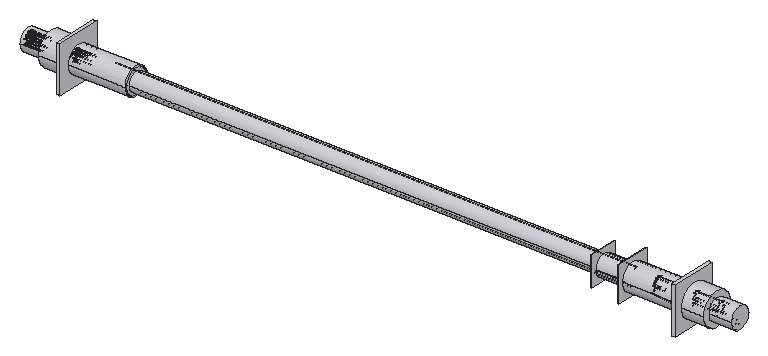
Revit family "吊杆族", category 常规模型, Revit 2020
Family settings
  可将钢筋附着到主体 = 否
  圆形连接件大小 = 使用直径
  零件类型 = 标准
  加载时剪切的空心 = 否
  共享 = 否
  房间计算点 = 否
Parameters
  Default Elevation = 0 cm
  built-in parameter 1001306 [instance] = 500 cm
  l6 [instance] = [built-in parameter 1001306] - 75 cm  # 425 cm
  l5 [instance] = [built-in parameter 1001306] - 51 cm  # 449 cm
  l4 [instance] = [built-in parameter 1001306] - 50 cm  # 450 cm
  l3 [instance] = [built-in parameter 1001306] - 44 cm  # 456 cm
  l2 [instance] = [built-in parameter 1001306] - 30 cm  # 470 cm
  l1 [instance] = [built-in parameter 1001306] + 3 cm  # 503 cm
Reference planes (cm)
  plane 1 "中心(前/后)": y = 0
  plane 2: z = 0
  plane 3 "左": x = 0
  plane 4 "右": x = 500
  plane 5: x = -30
  plane 6: x = -33
  plane 7: x = 14
  plane 8: x = 470
  plane 9: x = 503
  plane 10: x = 456
  plane 11: x = 450
  plane 12: x = 449
  plane 13: x = 425
Forms (cm)
  Extrusion 1, solid
    sketch origin (-30, 152.4, 121.92) x (0, 1, 0) y (0, 0, 1)
      loop
        line (-172.4, -101.92) -> (-172.4, -141.92) -> (-132.4, -141.92) -> (-132.4, -101.92) -> (-172.4, -101.92)
    from 0 to -3
  Extrusion 2, solid
    sketch origin (-30, 152.4, 121.92) x (0, 1, 0) y (0, 0, 1)
      loop
        circle (-152.4, -121.92) r 11.5
    from 0 to 50
  Extrusion 3, solid
    sketch origin (-33, 20, 121.92) x (0, 1, 0) y (0, 0, 1)
      loop
        circle (-20, -121.92) r 14
    from 0 to -20
  Extrusion 4, void
    sketch origin (-33, 20, 121.92) x (0, -1, 0) y (0, 0, 1)
      loop
        circle (20, -121.92) r 10.5
    from 0 to -53
  Extrusion 5, void
    sketch origin (-33, 20, 121.92) x (0, -1, 0) y (0, 0, 1)
      loop
        circle (20, -121.92) r 9
    from 0 to 25
  Extrusion 6, solid
    sketch origin (-33, 20, 121.92) x (0, 1, 0) y (0, 0, 1)
      loop
        circle (-20, -121.92) r 9
    from 0 to -40
  Blend 7, solid
    base sketch origin (-33, 20, 121.92) x (0, 1, 0) y (0, 0, 1)
      loop
        circle (-20, -121.92) r 9
    top sketch origin (0, 0, 0) x (0, 1, 0) y (0, 0, 1)
      loop
        circle (0, 0) r 6.5
    from 0 to 0
  Extrusion 8, void
    sketch origin (0, 0, 0) x (0, -1, 0) y (0, 0, 1)
      loop
        circle (0, 0) r 0.76
    from 0 to 73
  Extrusion 9, void
    sketch origin (0, -1.52, 0) x (0, -1, 0) y (0, 0, 1)
      loop
        circle (0, 0) r 0.76
    from 0 to 73
  Extrusion 10, void
    sketch origin (0, -3.04, 0) x (0, -1, 0) y (0, 0, 1)
      loop
        circle (0, 0) r 0.76
    from 0 to 73
  Extrusion 11, void
    sketch origin (0, -4.56, 0) x (0, -1, 0) y (0, 0, 1)
      loop
        circle (0, 0) r 0.76
    from 0 to 73
  Extrusion 12, void
    sketch origin (0, 1.52, 0) x (0, 1, 0) y (0, 0, -1)
      loop
        circle (0, 0) r 0.76
    from 0 to 73
  Extrusion 13, void
    sketch origin (0, 3.04, 0) x (0, 1, 0) y (0, 0, -1)
      loop
        circle (0, 0) r 0.76
    from 0 to 73
  Extrusion 14, void
    sketch origin (0, 4.56, 0) x (0, 1, 0) y (0, 0, -1)
      loop
        circle (0, 0) r 0.76
    from 0 to 73
  Extrusion 15, void
    sketch origin (0, -0.8118, -1.37) x (0, -1, 0) y (0, 0, 1)
      loop
        circle (0, 0) r 0.76
    from 0 to 73
  Extrusion 16, void
    sketch origin (0, -2.3318, -1.37) x (0, -1, 0) y (0, 0, 1)
      loop
        circle (0, 0) r 0.76
    from 0 to 73
  Extrusion 17, void
    sketch origin (0, -3.8518, -1.37) x (0, -1, 0) y (0, 0, 1)
      loop
        circle (0, 0) r 0.76
    from 0 to 73
  Extrusion 18, void
    sketch origin (0, -5.3718, -1.37) x (0, -1, 0) y (0, 0, 1)
      loop
        circle (0, 0) r 0.76
    from 0 to 73
  Extrusion 19, void
    sketch origin (0, 0, -2.74) x (0, -1, 0) y (0, 0, 1)
      loop
        circle (0, 0) r 0.76
    from 0 to 73
  Extrusion 20, void
    sketch origin (0, -1.52, -2.74) x (0, -1, 0) y (0, 0, 1)
      loop
        circle (0, 0) r 0.76
    from 0 to 73
  Extrusion 21, void
    sketch origin (0, -3.04, -2.74) x (0, -1, 0) y (0, 0, 1)
      loop
        circle (0, 0) r 0.76
    from 0 to 73
  Extrusion 22, void
    sketch origin (0, -4.56, -2.74) x (0, -1, 0) y (0, 0, 1)
      loop
        circle (0, 0) r 0.76
    from 0 to 73
  Extrusion 23, void
    sketch origin (0, -0.8118, -4.11) x (0, -1, 0) y (0, 0, 1)
      loop
        circle (0, 0) r 0.76
    from 0 to 73
  Extrusion 24, void
    sketch origin (0, -2.3318, -4.11) x (0, -1, 0) y (0, 0, 1)
      loop
        circle (0, 0) r 0.76
    from 0 to 73
  Extrusion 25, void
    sketch origin (0, -3.8518, -4.11) x (0, -1, 0) y (0, 0, 1)
      loop
        circle (0, 0) r 0.76
    from 0 to 73
  Extrusion 26, void
    sketch origin (0, 0, -5.48) x (0, -1, 0) y (0, 0, 1)
      loop
        circle (0, 0) r 0.76
    from 0 to 73
  Extrusion 27, void
    sketch origin (0, -1.52, -5.48) x (0, -1, 0) y (0, 0, 1)
      loop
        circle (0, 0) r 0.76
    from 0 to 73
  Extrusion 28, void
    sketch origin (0, 0.8118, -1.37) x (0, 1, 0) y (0, 0, -1)
      loop
        circle (0, 0) r 0.76
    from 0 to 73
  Extrusion 29, void
    sketch origin (0, 2.3318, -1.37) x (0, 1, 0) y (0, 0, -1)
      loop
        circle (0, 0) r 0.76
    from 0 to 73
  Extrusion 30, void
    sketch origin (0, 3.8518, -1.37) x (0, 1, 0) y (0, 0, -1)
      loop
        circle (0, 0) r 0.76
    from 0 to 73
  Extrusion 31, void
    sketch origin (0, 5.3718, -1.37) x (0, 1, 0) y (0, 0, -1)
      loop
        circle (0, 0) r 0.76
    from 0 to 73
  Extrusion 32, void
    sketch origin (0, 1.52, -2.74) x (0, 1, 0) y (0, 0, -1)
      loop
        circle (0, 0) r 0.76
    from 0 to 73
  Extrusion 33, void
    sketch origin (0, 3.04, -2.74) x (0, 1, 0) y (0, 0, -1)
      loop
        circle (0, 0) r 0.76
    from 0 to 73
  Extrusion 34, void
    sketch origin (0, 4.56, -2.74) x (0, 1, 0) y (0, 0, -1)
      loop
        circle (0, 0) r 0.76
    from 0 to 73
  Extrusion 35, void
    sketch origin (0, 0.8118, -4.11) x (0, 1, 0) y (0, 0, -1)
      loop
        circle (0, 0) r 0.76
    from 0 to 73
  Extrusion 36, void
    sketch origin (0, 2.3318, -4.11) x (0, 1, 0) y (0, 0, -1)
      loop
        circle (0, 0) r 0.76
    from 0 to 73
  Extrusion 37, void
    sketch origin (0, 3.8518, -4.11) x (0, 1, 0) y (0, 0, -1)
      loop
        circle (0, 0) r 0.76
    from 0 to 73
  Extrusion 38, void
    sketch origin (0, 1.52, -5.48) x (0, 1, 0) y (0, 0, -1)
      loop
        circle (0, 0) r 0.76
    from 0 to 73
  Extrusion 39, void
    sketch origin (0, -0.8118, 1.37) x (0, -1, 0) y (0, 0, 1)
      loop
        circle (0, 0) r 0.76
    from 0 to 73
  Extrusion 40, void
    sketch origin (0, -2.3318, 1.37) x (0, -1, 0) y (0, 0, 1)
      loop
        circle (0, 0) r 0.76
    from 0 to 73
  Extrusion 41, void
    sketch origin (0, -3.8518, 1.37) x (0, -1, 0) y (0, 0, 1)
      loop
        circle (0, 0) r 0.76
    from 0 to 73
  Extrusion 42, void
    sketch origin (0, -5.3718, 1.37) x (0, -1, 0) y (0, 0, 1)
      loop
        circle (0, 0) r 0.76
    from 0 to 73
  Extrusion 43, void
    sketch origin (0, 0, 2.74) x (0, -1, 0) y (0, 0, 1)
      loop
        circle (0, 0) r 0.76
    from 0 to 73
  Extrusion 44, void
    sketch origin (0, -1.52, 2.74) x (0, -1, 0) y (0, 0, 1)
      loop
        circle (0, 0) r 0.76
    from 0 to 73
  Extrusion 45, void
    sketch origin (0, -3.04, 2.74) x (0, -1, 0) y (0, 0, 1)
      loop
        circle (0, 0) r 0.76
    from 0 to 73
  Extrusion 46, void
    sketch origin (0, -4.56, 2.74) x (0, -1, 0) y (0, 0, 1)
      loop
        circle (0, 0) r 0.76
    from 0 to 73
  Extrusion 47, void
    sketch origin (0, -0.8118, 4.11) x (0, -1, 0) y (0, 0, 1)
      loop
        circle (0, 0) r 0.76
    from 0 to 73
  Extrusion 48, void
    sketch origin (0, -2.3318, 4.11) x (0, -1, 0) y (0, 0, 1)
      loop
        circle (0, 0) r 0.76
    from 0 to 73
  Extrusion 49, void
    sketch origin (0, -3.8518, 4.11) x (0, -1, 0) y (0, 0, 1)
      loop
        circle (0, 0) r 0.76
    from 0 to 73
  Extrusion 50, void
    sketch origin (0, 0, 5.48) x (0, -1, 0) y (0, 0, 1)
      loop
        circle (0, 0) r 0.76
    from 0 to 73
  Extrusion 51, void
    sketch origin (0, -1.52, 5.48) x (0, -1, 0) y (0, 0, 1)
      loop
        circle (0, 0) r 0.76
    from 0 to 73
  Extrusion 52, void
    sketch origin (0, 0.8118, 1.37) x (0, 1, 0) y (0, 0, -1)
      loop
        circle (0, 0) r 0.76
    from 0 to 73
  Extrusion 53, void
    sketch origin (0, 2.3318, 1.37) x (0, 1, 0) y (0, 0, -1)
      loop
        circle (0, 0) r 0.76
    from 0 to 73
  Extrusion 54, void
    sketch origin (0, 3.8518, 1.37) x (0, 1, 0) y (0, 0, -1)
      loop
        circle (0, 0) r 0.76
    from 0 to 73
  Extrusion 55, void
    sketch origin (0, 5.3718, 1.37) x (0, 1, 0) y (0, 0, -1)
      loop
        circle (0, 0) r 0.76
    from 0 to 73
  Extrusion 56, void
    sketch origin (0, 1.52, 2.74) x (0, 1, 0) y (0, 0, -1)
      loop
        circle (0, 0) r 0.76
    from 0 to 73
  Extrusion 57, void
    sketch origin (0, 3.04, 2.74) x (0, 1, 0) y (0, 0, -1)
      loop
        circle (0, 0) r 0.76
    from 0 to 73
  Extrusion 58, void
    sketch origin (0, 4.56, 2.74) x (0, 1, 0) y (0, 0, -1)
      loop
        circle (0, 0) r 0.76
    from 0 to 73
  Extrusion 59, void
    sketch origin (0, 0.8118, 4.11) x (0, 1, 0) y (0, 0, -1)
      loop
        circle (0, 0) r 0.76
    from 0 to 73
  Extrusion 60, void
    sketch origin (0, 2.3318, 4.11) x (0, 1, 0) y (0, 0, -1)
      loop
        circle (0, 0) r 0.76
    from 0 to 73
  Extrusion 61, void
    sketch origin (0, 3.8518, 4.11) x (0, 1, 0) y (0, 0, -1)
      loop
        circle (0, 0) r 0.76
    from 0 to 73
  Extrusion 62, void
    sketch origin (0, 1.52, 5.48) x (0, 1, 0) y (0, 0, -1)
      loop
        circle (0, 0) r 0.76
    from 0 to 73
  Extrusion 63, solid
    sketch origin (14, 8, 121.92) x (0, 1, 0) y (0, 0, 1)
      loop
        circle (-8, -121.92) r 10.5
    from 0 to 6
  Sweep 64, void
    path in 3D
      loop
        line (0, 0, 0) -> (470, 0, 0)
    profile origin (235, 0, 0) x (0, 1, 0) y (0, 0, 1)
      loop
        circle (0, 0) r 6.5
  Extrusion 65, solid
    sketch origin (500, 50, 121.92) x (0, 1, 0) y (0, 0, 1)
      loop
        line (-70, -101.92) -> (-70, -141.92) -> (-30, -141.92) -> (-30, -101.92) -> (-70, -101.92)
    from 0 to 3
  Extrusion 66, solid
    sketch origin (503, 20, 121.92) x (0, 1, 0) y (0, 0, 1)
      loop
        circle (-20, -121.92) r 14
    from 0 to 20
  Extrusion 67, solid
    sketch origin (500, 50, 121.92) x (0, 1, 0) y (0, 0, 1)
      loop
        circle (-50, -121.92) r 11.5
    from 0 to -50
  Extrusion 68, void
    sketch origin (503, 20, 121.92) x (0, -1, 0) y (0, 0, 1)
      loop
        circle (20, -121.92) r 10.5
    from 0 to 53
  Extrusion 69, void
    sketch origin (503, 20, 121.92) x (0, -1, 0) y (0, 0, 1)
      loop
        circle (20, -121.92) r 9
    from 0 to -20
  Extrusion 70, solid
    sketch origin (503, 20, 121.92) x (0, 1, 0) y (0, 0, 1)
      loop
        circle (-20, -121.92) r 9
    from 0 to 40
  Blend 71, solid
    base sketch origin (503, 20, 121.92) x (0, 1, 0) y (0, 0, 1)
      loop
        circle (-20, -121.92) r 9
    top sketch origin (503, 20, 121.92) x (0, 1, 0) y (0, 0, 1)
      loop
        circle (-20, -121.92) r 6.5
    from 0 to -33
  Extrusion 72, void
    sketch origin (470, 85.9623, 121.92) x (0, -1, 0) y (0, 0, 1)
      loop
        circle (85.9623, -121.92) r 0.76
    from 0 to -73
  Extrusion 73, void
    sketch origin (470, 84.4423, 121.92) x (0, -1, 0) y (0, 0, 1)
      loop
        circle (85.9623, -121.92) r 0.76
    from 0 to -73
  Extrusion 74, void
    sketch origin (470, 82.9223, 121.92) x (0, -1, 0) y (0, 0, 1)
      loop
        circle (85.9623, -121.92) r 0.76
    from 0 to -73
  Extrusion 75, void
    sketch origin (470, 80.5905, 123.2868) x (0, -1, 0) y (0, 0, 1)
      loop
        circle (85.9623, -121.92) r 0.76
    from 0 to -73
  Extrusion 76, void
    sketch origin (470, 87.4823, 121.92) x (0, -1, 0) y (0, 0, 1)
      loop
        circle (85.9623, -121.92) r 0.76
    from 0 to -73
  Extrusion 77, void
    sketch origin (470, 89.0023, 121.92) x (0, -1, 0) y (0, 0, 1)
      loop
        circle (85.9623, -121.92) r 0.76
    from 0 to -73
  Extrusion 78, void
    sketch origin (470, -81.4023, -121.92) x (0, 1, 0) y (0, 0, -1)
      loop
        circle (85.9623, -121.92) r 0.76
    from 0 to -73
  Extrusion 79, void
    sketch origin (470, 82.1105, 123.2868) x (0, -1, 0) y (0, 0, 1)
      loop
        circle (85.9623, -121.92) r 0.76
    from 0 to -73
  Extrusion 80, void
    sketch origin (470, 81.4023, 121.92) x (0, -1, 0) y (0, 0, 1)
      loop
        circle (85.9623, -121.92) r 0.76
    from 0 to -73
  Extrusion 81, void
    sketch origin (470, 83.6305, 123.2868) x (0, -1, 0) y (0, 0, 1)
      loop
        circle (85.9623, -121.92) r 0.76
    from 0 to -73
  Extrusion 82, void
    sketch origin (470, 85.1505, 123.2868) x (0, -1, 0) y (0, 0, 1)
      loop
        circle (85.9623, -121.92) r 0.76
    from 0 to -73
  Extrusion 83, void
    sketch origin (470, 86.7741, 123.2868) x (0, -1, 0) y (0, 0, 1)
      loop
        circle (85.9623, -121.92) r 0.76
    from 0 to -73
  Extrusion 84, void
    sketch origin (470, 88.2941, 123.2868) x (0, -1, 0) y (0, 0, 1)
      loop
        circle (85.9623, -121.92) r 0.76
    from 0 to -73
  Extrusion 85, void
    sketch origin (470, 89.8141, 123.2868) x (0, -1, 0) y (0, 0, 1)
      loop
        circle (85.9623, -121.92) r 0.76
    from 0 to -73
  Extrusion 86, void
    sketch origin (470, 91.3341, 123.2868) x (0, -1, 0) y (0, 0, 1)
      loop
        circle (85.9623, -121.92) r 0.76
    from 0 to -73
  Extrusion 87, void
    sketch origin (470, 85.9623, -119.18) x (0, -1, 0) y (0, 0, 1)
      loop
        circle (85.9623, 121.92) r 0.76
    from 0 to -73
  Extrusion 88, void
    sketch origin (470, 84.4423, -119.18) x (0, -1, 0) y (0, 0, 1)
      loop
        circle (85.9623, 121.92) r 0.76
    from 0 to -73
  Extrusion 89, void
    sketch origin (470, 82.9223, -119.18) x (0, -1, 0) y (0, 0, 1)
      loop
        circle (85.9623, 121.92) r 0.76
    from 0 to -73
  Extrusion 90, void
    sketch origin (470, 87.4823, -119.18) x (0, -1, 0) y (0, 0, 1)
      loop
        circle (85.9623, 121.92) r 0.76
    from 0 to -73
  Extrusion 91, void
    sketch origin (470, 89.0023, -119.18) x (0, -1, 0) y (0, 0, 1)
      loop
        circle (85.9623, 121.92) r 0.76
    from 0 to -73
  Extrusion 92, void
    sketch origin (470, -81.4023, 124.66) x (0, 1, 0) y (0, 0, -1)
      loop
        circle (85.9623, 121.92) r 0.76
    from 0 to -73
  Extrusion 93, void
    sketch origin (470, 81.4023, -119.18) x (0, -1, 0) y (0, 0, 1)
      loop
        circle (85.9623, 121.92) r 0.76
    from 0 to -73
  Extrusion 94, void
    sketch origin (470, 82.1105, -117.8068) x (0, -1, 0) y (0, 0, 1)
      loop
        circle (85.9623, 121.92) r 0.76
    from 0 to -73
  Extrusion 95, void
    sketch origin (470, 83.6305, -117.8068) x (0, -1, 0) y (0, 0, 1)
      loop
        circle (85.9623, 121.92) r 0.76
    from 0 to -73
  Extrusion 96, void
    sketch origin (470, 85.1505, -117.8068) x (0, -1, 0) y (0, 0, 1)
      loop
        circle (85.9623, 121.92) r 0.76
    from 0 to -73
  Extrusion 97, void
    sketch origin (470, 86.7741, -117.8068) x (0, -1, 0) y (0, 0, 1)
      loop
        circle (85.9623, 121.92) r 0.76
    from 0 to -73
  Extrusion 98, void
    sketch origin (470, 88.2941, -117.8068) x (0, -1, 0) y (0, 0, 1)
      loop
        circle (85.9623, 121.92) r 0.76
    from 0 to -73
  Extrusion 99, void
    sketch origin (470, 89.8141, -117.8068) x (0, -1, 0) y (0, 0, 1)
      loop
        circle (85.9623, 121.92) r 0.76
    from 0 to -73
  Extrusion 100, void
    sketch origin (470, 85.9623, 127.4) x (0, -1, 0) y (0, 0, 1)
      loop
        circle (85.9623, -121.92) r 0.76
    from 0 to -73
  Extrusion 101, void
    sketch origin (470, 84.4423, 127.4) x (0, -1, 0) y (0, 0, 1)
      loop
        circle (85.9623, -121.92) r 0.76
    from 0 to -73
  Extrusion 102, void
    sketch origin (470, 87.4823, 127.4) x (0, -1, 0) y (0, 0, 1)
      loop
        circle (85.9623, -121.92) r 0.76
    from 0 to -73
  Extrusion 103, void
    sketch origin (470, 80.5905, -123.2868) x (0, -1, 0) y (0, 0, 1)
      loop
        circle (85.9623, 121.92) r 0.76
    from 0 to -73
  Extrusion 104, void
    sketch origin (470, 82.1105, -123.2868) x (0, -1, 0) y (0, 0, 1)
      loop
        circle (85.9623, 121.92) r 0.76
    from 0 to -73
  Extrusion 105, void
    sketch origin (470, 83.6305, -123.2868) x (0, -1, 0) y (0, 0, 1)
      loop
        circle (85.9623, 121.92) r 0.76
    from 0 to -73
  Extrusion 106, void
    sketch origin (470, 85.1505, -123.2868) x (0, -1, 0) y (0, 0, 1)
      loop
        circle (85.9623, 121.92) r 0.76
    from 0 to -73
  Extrusion 107, void
    sketch origin (470, 86.7741, -123.2868) x (0, -1, 0) y (0, 0, 1)
      loop
        circle (85.9623, 121.92) r 0.76
    from 0 to -73
  Extrusion 108, void
    sketch origin (470, 88.2941, -123.2868) x (0, -1, 0) y (0, 0, 1)
      loop
        circle (85.9623, 121.92) r 0.76
    from 0 to -73
  Extrusion 109, void
    sketch origin (470, 89.8141, -123.2868) x (0, -1, 0) y (0, 0, 1)
      loop
        circle (85.9623, 121.92) r 0.76
    from 0 to -73
  Extrusion 110, void
    sketch origin (470, 91.3341, -123.2868) x (0, -1, 0) y (0, 0, 1)
      loop
        circle (85.9623, 121.92) r 0.76
    from 0 to -73
  Extrusion 111, void
    sketch origin (470, 85.9623, 119.18) x (0, -1, 0) y (0, 0, 1)
      loop
        circle (85.9623, -121.92) r 0.76
    from 0 to -73
  Extrusion 112, void
    sketch origin (470, 84.4423, 119.18) x (0, -1, 0) y (0, 0, 1)
      loop
        circle (85.9623, -121.92) r 0.76
    from 0 to -73
  Extrusion 113, void
    sketch origin (470, 82.9223, 119.18) x (0, -1, 0) y (0, 0, 1)
      loop
        circle (85.9623, -121.92) r 0.76
    from 0 to -73
  Extrusion 114, void
    sketch origin (470, 87.4823, 119.18) x (0, -1, 0) y (0, 0, 1)
      loop
        circle (85.9623, -121.92) r 0.76
    from 0 to -73
  Extrusion 115, void
    sketch origin (470, 89.0023, 119.18) x (0, -1, 0) y (0, 0, 1)
      loop
        circle (85.9623, -121.92) r 0.76
    from 0 to -73
  Extrusion 116, void
    sketch origin (470, -81.4023, -124.66) x (0, 1, 0) y (0, 0, -1)
      loop
        circle (85.9623, -121.92) r 0.76
    from 0 to -73
  Extrusion 117, void
    sketch origin (470, 81.4023, 119.18) x (0, -1, 0) y (0, 0, 1)
      loop
        circle (85.9623, -121.92) r 0.76
    from 0 to -73
  Extrusion 118, void
    sketch origin (470, 82.1105, 117.8068) x (0, -1, 0) y (0, 0, 1)
      loop
        circle (85.9623, -121.92) r 0.76
    from 0 to -73
  Extrusion 119, void
    sketch origin (470, 83.6305, 117.8068) x (0, -1, 0) y (0, 0, 1)
      loop
        circle (85.9623, -121.92) r 0.76
    from 0 to -73
  Extrusion 120, void
    sketch origin (470, 85.1505, 117.8068) x (0, -1, 0) y (0, 0, 1)
      loop
        circle (85.9623, -121.92) r 0.76
    from 0 to -73
  Extrusion 121, void
    sketch origin (470, 86.7741, 117.8068) x (0, -1, 0) y (0, 0, 1)
      loop
        circle (85.9623, -121.92) r 0.76
    from 0 to -73
  Extrusion 122, void
    sketch origin (470, 88.2941, 117.8068) x (0, -1, 0) y (0, 0, 1)
      loop
        circle (85.9623, -121.92) r 0.76
    from 0 to -73
  Extrusion 123, void
    sketch origin (470, 89.8141, 117.8068) x (0, -1, 0) y (0, 0, 1)
      loop
        circle (85.9623, -121.92) r 0.76
    from 0 to -73
  Extrusion 124, void
    sketch origin (470, 85.9623, -127.4) x (0, -1, 0) y (0, 0, 1)
      loop
        circle (85.9623, 121.92) r 0.76
    from 0 to -73
  Extrusion 125, void
    sketch origin (470, 84.4423, -127.4) x (0, -1, 0) y (0, 0, 1)
      loop
        circle (85.9623, 121.92) r 0.76
    from 0 to -73
  Extrusion 126, void
    sketch origin (470, 87.4823, -127.4) x (0, -1, 0) y (0, 0, 1)
      loop
        circle (85.9623, 121.92) r 0.76
    from 0 to -73
  Extrusion 127, solid
    sketch origin (456, 152.4, 121.92) x (0, 1, 0) y (0, 0, 1)
      loop
        circle (-152.4, -121.92) r 10.5
    from 0 to -6
  Extrusion 128, solid
    sketch origin (456, 152.4, 121.92) x (0, 1, 0) y (0, 0, 1)
      loop
        circle (-152.4, -121.92) r 10.5
    from 0 to -6
  Extrusion 129, void
    sketch origin (456, 152.4, 121.92) x (0, -1, 0) y (0, 0, 1)
      loop
        circle (152.4, -121.92) r 8
    from 0 to 32
  Extrusion 130, solid
    sketch origin (450, 11.5, 121.92) x (0, 1, 0) y (0, 0, 1)
      loop
        line (-26.5, -106.92) -> (-26.5, -136.92) -> (3.5, -136.92) -> (3.5, -106.92) -> (-26.5, -106.92)
    from 0 to -1
  Extrusion 131, solid
    sketch origin (449, 15, 121.92) x (0, 1, 0) y (0, 0, 1)
      loop
        circle (-15, -121.92) r 9
    from 0 to -24
  Extrusion 132, solid
    sketch origin (425, 9, 121.92) x (0, 1, 0) y (0, 0, 1)
      loop
        line (-21.5, -109.42) -> (-21.5, -134.42) -> (3.5, -134.42) -> (3.5, -109.42) -> (-21.5, -109.42)
    from 0 to -1
  Sweep 133, solid
    path in 3D
      loop
        line (0, 0, 0) -> (470, 0, 0)
    profile origin (235, 0, 0) x (0, 1, 0) y (0, 0, 1)
      loop
        circle (0, 0) r 8
  Sweep 134, void
    path in 3D
      loop
        line (0, 0, 0) -> (470, 0, 0)
    profile origin (235, 0, 0) x (0, 1, 0) y (0, 0, 1)
      loop
        circle (0, 0) r 6.5
  Sweep 135, solid
    path in 3D
      loop
        line (0, 0, 0) -> (470, 0, 0)
    profile origin (235, 0, 0) x (0, 1, 0) y (0, 0, 1)
      loop
        circle (0, 0) r 6.5
Cuts and joins
  Extrusion 4, Extrusion 5 cuts Extrusion 1
  Extrusion 4, Extrusion 5 cuts Extrusion 3
  Extrusion 4 cuts Extrusion 2
  Extrusion 8, Extrusion 9, Extrusion 10, Extrusion 11, Extrusion 12, Extrusion 13, Extrusion 14, Extrusion 15, Extrusion 16, Extrusion 17, Extrusion 18, Extrusion 19, Extrusion 20, Extrusion 21, Extrusion 22, Extrusion 23, Extrusion 24, Extrusion 25, Extrusion 26, Extrusion 27, Extrusion 28, Extrusion 29, Extrusion 30, Extrusion 31, Extrusion 32, Extrusion 33, Extrusion 34, Extrusion 35, Extrusion 36, Extrusion 37, Extrusion 38, Extrusion 39, Extrusion 40, Extrusion 41, Extrusion 42, Extrusion 43, Extrusion 44, Extrusion 45, Extrusion 46, Extrusion 47, Extrusion 48, Extrusion 49, Extrusion 50, Extrusion 51, Extrusion 52, Extrusion 53, Extrusion 54, Extrusion 55, Extrusion 56, Extrusion 57, Extrusion 58, Extrusion 59, Extrusion 60, Extrusion 61, Extrusion 62, Sweep 64, Sweep 134 cuts Blend 7
  Extrusion 8, Extrusion 9, Extrusion 10, Extrusion 11, Extrusion 12, Extrusion 13, Extrusion 14, Extrusion 15, Extrusion 16, Extrusion 17, Extrusion 18, Extrusion 19, Extrusion 20, Extrusion 21, Extrusion 22, Extrusion 23, Extrusion 24, Extrusion 25, Extrusion 26, Extrusion 27, Extrusion 28, Extrusion 29, Extrusion 30, Extrusion 31, Extrusion 32, Extrusion 33, Extrusion 34, Extrusion 35, Extrusion 36, Extrusion 37, Extrusion 38, Extrusion 39, Extrusion 40, Extrusion 41, Extrusion 42, Extrusion 43, Extrusion 44, Extrusion 45, Extrusion 46, Extrusion 47, Extrusion 48, Extrusion 49, Extrusion 50, Extrusion 51, Extrusion 52, Extrusion 53, Extrusion 54, Extrusion 55, Extrusion 56, Extrusion 57, Extrusion 58, Extrusion 59, Extrusion 60, Extrusion 61, Extrusion 62 cuts Extrusion 6
  Sweep 64, Sweep 134 cuts Extrusion 63
  Extrusion 68, Extrusion 73, Extrusion 74, Extrusion 75, Extrusion 76, Extrusion 77, Extrusion 78 cuts Extrusion 65
  Extrusion 68, Extrusion 69 cuts Extrusion 66
  Extrusion 68, Extrusion 129 cuts Extrusion 67
  Extrusion 72, Extrusion 79, Extrusion 80, Extrusion 81, Extrusion 82, Extrusion 83, Extrusion 84, Extrusion 85, Extrusion 86, Extrusion 87, Extrusion 88, Extrusion 89, Extrusion 90, Extrusion 91, Extrusion 92, Extrusion 93, Extrusion 94, Extrusion 95, Extrusion 96, Extrusion 97, Extrusion 98, Extrusion 99, Extrusion 100, Extrusion 101, Extrusion 102, Extrusion 103, Extrusion 104, Extrusion 105, Extrusion 106, Extrusion 107, Extrusion 108, Extrusion 109, Extrusion 110, Extrusion 111, Extrusion 112, Extrusion 113, Extrusion 114, Extrusion 115, Extrusion 116, Extrusion 117, Extrusion 118, Extrusion 119, Extrusion 120, Extrusion 121, Extrusion 122, Extrusion 123, Extrusion 124, Extrusion 125, Extrusion 126, Sweep 134 cuts Blend 71
  Extrusion 72, Extrusion 73, Extrusion 74, Extrusion 75, Extrusion 76, Extrusion 77, Extrusion 78, Extrusion 79, Extrusion 80, Extrusion 81, Extrusion 82, Extrusion 83, Extrusion 84, Extrusion 85, Extrusion 86, Extrusion 87, Extrusion 88, Extrusion 89, Extrusion 90, Extrusion 91, Extrusion 92, Extrusion 93, Extrusion 94, Extrusion 95, Extrusion 96, Extrusion 97, Extrusion 98, Extrusion 99, Extrusion 100, Extrusion 101, Extrusion 102, Extrusion 103, Extrusion 104, Extrusion 105, Extrusion 106, Extrusion 107, Extrusion 108, Extrusion 109, Extrusion 110, Extrusion 111, Extrusion 112, Extrusion 113, Extrusion 114, Extrusion 115, Extrusion 116, Extrusion 117, Extrusion 118, Extrusion 119, Extrusion 120, Extrusion 121, Extrusion 122, Extrusion 123, Extrusion 124, Extrusion 125, Extrusion 126 cuts Extrusion 70
  Extrusion 129 cuts Extrusion 127
  Extrusion 129 cuts Extrusion 128
  Extrusion 129 cuts Extrusion 130
  Extrusion 129 cuts Extrusion 132
  Extrusion 129 cuts Extrusion 131
  Sweep 134 cuts Sweep 133
Lines and regions (cm)
  reference lines
    curve 1: line (0, 0, 0) -> (500, 0, 0)
  model lines
    curve 2: line (0, 0, 0) -> (470, 0, 0)
  sketch lines
    curve 3: line (0, 0, 0) -> (470, 0, 0)
    curve 4: line (0, 0, 0) -> (470, 0, 0)
    curve 5: line (0, 0, 0) -> (470, 0, 0)
    curve 6: line (0, 0, 0) -> (470, 0, 0)
Dimensions and locks (cm)
  "built-in parameter 1001306": plane 3 "左" to plane 4 "右"
  plane 5 to plane 3 "左" = 30 cm
  plane 6 to plane 5 = 3 cm
  plane 3 "左" to plane 7 = 14 cm
  "l3": plane 3 "左" to plane 10
  "l2": plane 3 "左" to plane 8
  "l1": plane 3 "左" to plane 9
  "l4": plane 3 "左" to plane 11
  "l5": plane 3 "左" to plane 12
  "l6": plane 3 "左" to plane 13
  aligned and locked: plane 4 "右" to curve 1
  aligned and locked: plane 1 "中心(前/后)" to curve 1
  aligned and locked: plane 3 "左" to curve 1
  aligned and locked: level to plane 2
Automatic sketch dimensions
  plane 1 "中心(前/后)" to curve 2 = 0 cm
  curve 2 to plane 3 "左" = 0 cm
  curve 2 to plane 8 = 0 cm
  plane 1 "中心(前/后)" to Extrusion 1 sketch curve = 20 cm
  Extrusion 1 sketch curve to plane 1 "中心(前/后)" = 20 cm
  Extrusion 1 sketch curve to level = 20 cm
  level to Extrusion 1 sketch curve = 20 cm
  Extrusion 2 sketch curve to level = 0 cm
  Extrusion 2 sketch curve to plane 1 "中心(前/后)" = 0 cm
  Extrusion 3 sketch curve to level = 0 cm
  Extrusion 3 sketch curve to plane 1 "中心(前/后)" = 0 cm
  Extrusion 4 sketch curve to level = 0 cm
  Extrusion 4 sketch curve to plane 1 "中心(前/后)" = 0 cm
  Extrusion 5 sketch curve to level = 0 cm
  Extrusion 5 sketch curve to plane 1 "中心(前/后)" = 0 cm
  Extrusion 6 sketch curve to level = 0 cm
  Extrusion 6 sketch curve to plane 1 "中心(前/后)" = 0 cm
  Blend 7 sketch curve to level = 0 cm  (x2)
  Blend 7 sketch curve to plane 1 "中心(前/后)" = 0 cm  (x2)
  Extrusion 8 sketch curve to level = 0 cm
  Extrusion 8 sketch curve to plane 1 "中心(前/后)" = 0 cm
  Extrusion 9 sketch curve to level = 0 cm
  plane 1 "中心(前/后)" to Extrusion 9 sketch curve = 1.52 cm
  Extrusion 10 sketch curve to level = 0 cm
  plane 1 "中心(前/后)" to Extrusion 10 sketch curve = 3.04 cm
  Extrusion 11 sketch curve to level = 0 cm
  plane 1 "中心(前/后)" to Extrusion 11 sketch curve = 4.56 cm
  Extrusion 12 sketch curve to level = 0 cm
  Extrusion 12 sketch curve to plane 1 "中心(前/后)" = 1.52 cm
  Extrusion 13 sketch curve to level = 0 cm
  Extrusion 13 sketch curve to plane 1 "中心(前/后)" = 3.04 cm
  Extrusion 14 sketch curve to level = 0 cm
  Extrusion 14 sketch curve to plane 1 "中心(前/后)" = 4.56 cm
  plane 1 "中心(前/后)" to Extrusion 15 sketch curve = 0.8118 cm
  Extrusion 15 sketch curve to level = 1.37 cm
  plane 1 "中心(前/后)" to Extrusion 16 sketch curve = 2.3318 cm
  Extrusion 16 sketch curve to level = 1.37 cm
  Extrusion 17 sketch curve to level = 1.37 cm
  plane 1 "中心(前/后)" to Extrusion 17 sketch curve = 3.8518 cm
  Extrusion 18 sketch curve to level = 1.37 cm
  plane 1 "中心(前/后)" to Extrusion 18 sketch curve = 5.3718 cm
  Extrusion 19 sketch curve to plane 1 "中心(前/后)" = 0 cm
  Extrusion 19 sketch curve to level = 2.74 cm
  plane 1 "中心(前/后)" to Extrusion 20 sketch curve = 1.52 cm
  Extrusion 20 sketch curve to level = 2.74 cm
  plane 1 "中心(前/后)" to Extrusion 21 sketch curve = 3.04 cm
  Extrusion 21 sketch curve to level = 2.74 cm
  plane 1 "中心(前/后)" to Extrusion 22 sketch curve = 4.56 cm
  Extrusion 22 sketch curve to level = 2.74 cm
  plane 1 "中心(前/后)" to Extrusion 23 sketch curve = 0.8118 cm
  Extrusion 23 sketch curve to level = 4.11 cm
  plane 1 "中心(前/后)" to Extrusion 24 sketch curve = 2.3318 cm
  Extrusion 24 sketch curve to level = 4.11 cm
  plane 1 "中心(前/后)" to Extrusion 25 sketch curve = 3.8518 cm
  Extrusion 25 sketch curve to level = 4.11 cm
  Extrusion 26 sketch curve to plane 1 "中心(前/后)" = 0 cm
  Extrusion 26 sketch curve to level = 5.48 cm
  plane 1 "中心(前/后)" to Extrusion 27 sketch curve = 1.52 cm
  Extrusion 27 sketch curve to level = 5.48 cm
  Extrusion 28 sketch curve to plane 1 "中心(前/后)" = 0.8118 cm
  Extrusion 28 sketch curve to level = 1.37 cm
  Extrusion 29 sketch curve to plane 1 "中心(前/后)" = 2.3318 cm
  Extrusion 29 sketch curve to level = 1.37 cm
  Extrusion 30 sketch curve to level = 1.37 cm
  Extrusion 30 sketch curve to plane 1 "中心(前/后)" = 3.8518 cm
  Extrusion 31 sketch curve to level = 1.37 cm
  Extrusion 31 sketch curve to plane 1 "中心(前/后)" = 5.3718 cm
  Extrusion 32 sketch curve to plane 1 "中心(前/后)" = 1.52 cm
  Extrusion 32 sketch curve to level = 2.74 cm
  Extrusion 33 sketch curve to plane 1 "中心(前/后)" = 3.04 cm
  Extrusion 33 sketch curve to level = 2.74 cm
  Extrusion 34 sketch curve to plane 1 "中心(前/后)" = 4.56 cm
  Extrusion 34 sketch curve to level = 2.74 cm
  Extrusion 35 sketch curve to plane 1 "中心(前/后)" = 0.8118 cm
  Extrusion 35 sketch curve to level = 4.11 cm
  Extrusion 36 sketch curve to plane 1 "中心(前/后)" = 2.3318 cm
  Extrusion 36 sketch curve to level = 4.11 cm
  Extrusion 37 sketch curve to plane 1 "中心(前/后)" = 3.8518 cm
  Extrusion 37 sketch curve to level = 4.11 cm
  Extrusion 38 sketch curve to plane 1 "中心(前/后)" = 1.52 cm
  Extrusion 38 sketch curve to level = 5.48 cm
  plane 1 "中心(前/后)" to Extrusion 39 sketch curve = 0.8118 cm
  level to Extrusion 39 sketch curve = 1.37 cm
  plane 1 "中心(前/后)" to Extrusion 40 sketch curve = 2.3318 cm
  level to Extrusion 40 sketch curve = 1.37 cm
  level to Extrusion 41 sketch curve = 1.37 cm
  plane 1 "中心(前/后)" to Extrusion 41 sketch curve = 3.8518 cm
  level to Extrusion 42 sketch curve = 1.37 cm
  plane 1 "中心(前/后)" to Extrusion 42 sketch curve = 5.3718 cm
  Extrusion 43 sketch curve to plane 1 "中心(前/后)" = 0 cm
  level to Extrusion 43 sketch curve = 2.74 cm
  plane 1 "中心(前/后)" to Extrusion 44 sketch curve = 1.52 cm
  level to Extrusion 44 sketch curve = 2.74 cm
  plane 1 "中心(前/后)" to Extrusion 45 sketch curve = 3.04 cm
  level to Extrusion 45 sketch curve = 2.74 cm
  plane 1 "中心(前/后)" to Extrusion 46 sketch curve = 4.56 cm
  level to Extrusion 46 sketch curve = 2.74 cm
  plane 1 "中心(前/后)" to Extrusion 47 sketch curve = 0.8118 cm
  level to Extrusion 47 sketch curve = 4.11 cm
  plane 1 "中心(前/后)" to Extrusion 48 sketch curve = 2.3318 cm
  level to Extrusion 48 sketch curve = 4.11 cm
  plane 1 "中心(前/后)" to Extrusion 49 sketch curve = 3.8518 cm
  level to Extrusion 49 sketch curve = 4.11 cm
  Extrusion 50 sketch curve to plane 1 "中心(前/后)" = 0 cm
  level to Extrusion 50 sketch curve = 5.48 cm
  plane 1 "中心(前/后)" to Extrusion 51 sketch curve = 1.52 cm
  level to Extrusion 51 sketch curve = 5.48 cm
  Extrusion 52 sketch curve to plane 1 "中心(前/后)" = 0.8118 cm
  level to Extrusion 52 sketch curve = 1.37 cm
  Extrusion 53 sketch curve to plane 1 "中心(前/后)" = 2.3318 cm
  level to Extrusion 53 sketch curve = 1.37 cm
  level to Extrusion 54 sketch curve = 1.37 cm
  Extrusion 54 sketch curve to plane 1 "中心(前/后)" = 3.8518 cm
  level to Extrusion 55 sketch curve = 1.37 cm
  Extrusion 55 sketch curve to plane 1 "中心(前/后)" = 5.3718 cm
  Extrusion 56 sketch curve to plane 1 "中心(前/后)" = 1.52 cm
  level to Extrusion 56 sketch curve = 2.74 cm
  Extrusion 57 sketch curve to plane 1 "中心(前/后)" = 3.04 cm
  level to Extrusion 57 sketch curve = 2.74 cm
  Extrusion 58 sketch curve to plane 1 "中心(前/后)" = 4.56 cm
  level to Extrusion 58 sketch curve = 2.74 cm
  Extrusion 59 sketch curve to plane 1 "中心(前/后)" = 0.8118 cm
  level to Extrusion 59 sketch curve = 4.11 cm
  Extrusion 60 sketch curve to plane 1 "中心(前/后)" = 2.3318 cm
  level to Extrusion 60 sketch curve = 4.11 cm
  Extrusion 61 sketch curve to plane 1 "中心(前/后)" = 3.8518 cm
  level to Extrusion 61 sketch curve = 4.11 cm
  Extrusion 62 sketch curve to plane 1 "中心(前/后)" = 1.52 cm
  level to Extrusion 62 sketch curve = 5.48 cm
  Extrusion 63 sketch curve to level = 0 cm
  Extrusion 63 sketch curve to plane 1 "中心(前/后)" = 0 cm
  Sweep 64 sketch curve to profile plane = 0 cm  (x2)
  plane 1 "中心(前/后)" to Extrusion 65 sketch curve = 20 cm
  Extrusion 65 sketch curve to plane 1 "中心(前/后)" = 20 cm
  Extrusion 65 sketch curve to level = 20 cm
  level to Extrusion 65 sketch curve = 20 cm
  Extrusion 66 sketch curve to level = 0 cm
  Extrusion 66 sketch curve to plane 1 "中心(前/后)" = 0 cm
  Extrusion 67 sketch curve to level = 0 cm
  Extrusion 67 sketch curve to plane 1 "中心(前/后)" = 0 cm
  Extrusion 68 sketch curve to level = 0 cm
  Extrusion 68 sketch curve to plane 1 "中心(前/后)" = 0 cm
  Extrusion 69 sketch curve to level = 0 cm
  Extrusion 69 sketch curve to plane 1 "中心(前/后)" = 0 cm
  Extrusion 70 sketch curve to level = 0 cm
  Extrusion 70 sketch curve to plane 1 "中心(前/后)" = 0 cm
  Blend 71 sketch curve to level = 0 cm  (x2)
  Blend 71 sketch curve to plane 1 "中心(前/后)" = 0 cm  (x2)
  Extrusion 72 sketch curve to level = 0 cm
  Extrusion 72 sketch curve to plane 1 "中心(前/后)" = 0 cm
  Extrusion 73 sketch curve to level = 0 cm
  plane 1 "中心(前/后)" to Extrusion 73 sketch curve = 1.52 cm
  Extrusion 74 sketch curve to level = 0 cm
  plane 1 "中心(前/后)" to Extrusion 74 sketch curve = 3.04 cm
  level to Extrusion 75 sketch curve = 1.3668 cm
  plane 1 "中心(前/后)" to Extrusion 75 sketch curve = 5.3718 cm
  Extrusion 76 sketch curve to level = 0 cm
  Extrusion 76 sketch curve to plane 1 "中心(前/后)" = 1.52 cm
  Extrusion 77 sketch curve to level = 0 cm
  Extrusion 77 sketch curve to plane 1 "中心(前/后)" = 3.04 cm
  Extrusion 78 sketch curve to level = 0 cm
  Extrusion 78 sketch curve to plane 1 "中心(前/后)" = 4.56 cm
  level to Extrusion 79 sketch curve = 1.3668 cm
  plane 1 "中心(前/后)" to Extrusion 79 sketch curve = 3.8518 cm
  Extrusion 80 sketch curve to level = 0 cm
  plane 1 "中心(前/后)" to Extrusion 80 sketch curve = 4.56 cm
  plane 1 "中心(前/后)" to Extrusion 81 sketch curve = 2.3318 cm
  level to Extrusion 81 sketch curve = 1.3668 cm
  plane 1 "中心(前/后)" to Extrusion 82 sketch curve = 0.8118 cm
  level to Extrusion 82 sketch curve = 1.3668 cm
  Extrusion 83 sketch curve to plane 1 "中心(前/后)" = 0.8118 cm
  level to Extrusion 83 sketch curve = 1.3668 cm
  Extrusion 84 sketch curve to plane 1 "中心(前/后)" = 2.3318 cm
  level to Extrusion 84 sketch curve = 1.3668 cm
  level to Extrusion 85 sketch curve = 1.3668 cm
  Extrusion 85 sketch curve to plane 1 "中心(前/后)" = 3.8518 cm
  level to Extrusion 86 sketch curve = 1.3668 cm
  Extrusion 86 sketch curve to plane 1 "中心(前/后)" = 5.3718 cm
  Extrusion 87 sketch curve to plane 1 "中心(前/后)" = 0 cm
  level to Extrusion 87 sketch curve = 2.74 cm
  plane 1 "中心(前/后)" to Extrusion 88 sketch curve = 1.52 cm
  level to Extrusion 88 sketch curve = 2.74 cm
  plane 1 "中心(前/后)" to Extrusion 89 sketch curve = 3.04 cm
  level to Extrusion 89 sketch curve = 2.74 cm
  Extrusion 90 sketch curve to plane 1 "中心(前/后)" = 1.52 cm
  level to Extrusion 90 sketch curve = 2.74 cm
  Extrusion 91 sketch curve to plane 1 "中心(前/后)" = 3.04 cm
  level to Extrusion 91 sketch curve = 2.74 cm
  Extrusion 92 sketch curve to plane 1 "中心(前/后)" = 4.56 cm
  level to Extrusion 92 sketch curve = 2.74 cm
  plane 1 "中心(前/后)" to Extrusion 93 sketch curve = 4.56 cm
  level to Extrusion 93 sketch curve = 2.74 cm
  plane 1 "中心(前/后)" to Extrusion 94 sketch curve = 3.8518 cm
  level to Extrusion 94 sketch curve = 4.1132 cm
  plane 1 "中心(前/后)" to Extrusion 95 sketch curve = 2.3318 cm
  level to Extrusion 95 sketch curve = 4.1132 cm
  plane 1 "中心(前/后)" to Extrusion 96 sketch curve = 0.8118 cm
  level to Extrusion 96 sketch curve = 4.1132 cm
  Extrusion 97 sketch curve to plane 1 "中心(前/后)" = 0.8118 cm
  level to Extrusion 97 sketch curve = 4.1132 cm
  Extrusion 98 sketch curve to plane 1 "中心(前/后)" = 2.3318 cm
  level to Extrusion 98 sketch curve = 4.1132 cm
  Extrusion 99 sketch curve to plane 1 "中心(前/后)" = 3.8518 cm
  level to Extrusion 99 sketch curve = 4.1132 cm
  Extrusion 100 sketch curve to plane 1 "中心(前/后)" = 0 cm
  level to Extrusion 100 sketch curve = 5.48 cm
  plane 1 "中心(前/后)" to Extrusion 101 sketch curve = 1.52 cm
  level to Extrusion 101 sketch curve = 5.48 cm
  Extrusion 102 sketch curve to plane 1 "中心(前/后)" = 1.52 cm
  level to Extrusion 102 sketch curve = 5.48 cm
  Extrusion 103 sketch curve to level = 1.3668 cm
  plane 1 "中心(前/后)" to Extrusion 103 sketch curve = 5.3718 cm
  Extrusion 104 sketch curve to level = 1.3668 cm
  plane 1 "中心(前/后)" to Extrusion 104 sketch curve = 3.8518 cm
  plane 1 "中心(前/后)" to Extrusion 105 sketch curve = 2.3318 cm
  Extrusion 105 sketch curve to level = 1.3668 cm
  plane 1 "中心(前/后)" to Extrusion 106 sketch curve = 0.8118 cm
  Extrusion 106 sketch curve to level = 1.3668 cm
  Extrusion 107 sketch curve to plane 1 "中心(前/后)" = 0.8118 cm
  Extrusion 107 sketch curve to level = 1.3668 cm
  Extrusion 108 sketch curve to plane 1 "中心(前/后)" = 2.3318 cm
  Extrusion 108 sketch curve to level = 1.3668 cm
  Extrusion 109 sketch curve to level = 1.3668 cm
  Extrusion 109 sketch curve to plane 1 "中心(前/后)" = 3.8518 cm
  Extrusion 110 sketch curve to level = 1.3668 cm
  Extrusion 110 sketch curve to plane 1 "中心(前/后)" = 5.3718 cm
  Extrusion 111 sketch curve to plane 1 "中心(前/后)" = 0 cm
  Extrusion 111 sketch curve to level = 2.74 cm
  plane 1 "中心(前/后)" to Extrusion 112 sketch curve = 1.52 cm
  Extrusion 112 sketch curve to level = 2.74 cm
  plane 1 "中心(前/后)" to Extrusion 113 sketch curve = 3.04 cm
  Extrusion 113 sketch curve to level = 2.74 cm
  Extrusion 114 sketch curve to plane 1 "中心(前/后)" = 1.52 cm
  Extrusion 114 sketch curve to level = 2.74 cm
  Extrusion 115 sketch curve to plane 1 "中心(前/后)" = 3.04 cm
  Extrusion 115 sketch curve to level = 2.74 cm
  Extrusion 116 sketch curve to plane 1 "中心(前/后)" = 4.56 cm
  Extrusion 116 sketch curve to level = 2.74 cm
  plane 1 "中心(前/后)" to Extrusion 117 sketch curve = 4.56 cm
  Extrusion 117 sketch curve to level = 2.74 cm
  plane 1 "中心(前/后)" to Extrusion 118 sketch curve = 3.8518 cm
  Extrusion 118 sketch curve to level = 4.1132 cm
  plane 1 "中心(前/后)" to Extrusion 119 sketch curve = 2.3318 cm
  Extrusion 119 sketch curve to level = 4.1132 cm
  plane 1 "中心(前/后)" to Extrusion 120 sketch curve = 0.8118 cm
  Extrusion 120 sketch curve to level = 4.1132 cm
  Extrusion 121 sketch curve to plane 1 "中心(前/后)" = 0.8118 cm
  Extrusion 121 sketch curve to level = 4.1132 cm
  Extrusion 122 sketch curve to plane 1 "中心(前/后)" = 2.3318 cm
  Extrusion 122 sketch curve to level = 4.1132 cm
  Extrusion 123 sketch curve to plane 1 "中心(前/后)" = 3.8518 cm
  Extrusion 123 sketch curve to level = 4.1132 cm
  Extrusion 124 sketch curve to plane 1 "中心(前/后)" = 0 cm
  Extrusion 124 sketch curve to level = 5.48 cm
  plane 1 "中心(前/后)" to Extrusion 125 sketch curve = 1.52 cm
  Extrusion 125 sketch curve to level = 5.48 cm
  Extrusion 126 sketch curve to plane 1 "中心(前/后)" = 1.52 cm
  Extrusion 126 sketch curve to level = 5.48 cm
  Extrusion 127 sketch curve to level = 0 cm
  Extrusion 127 sketch curve to plane 1 "中心(前/后)" = 0 cm
  Extrusion 128 sketch curve to level = 0 cm
  Extrusion 128 sketch curve to plane 1 "中心(前/后)" = 0 cm
  Extrusion 129 sketch curve to level = 0 cm
  Extrusion 129 sketch curve to plane 1 "中心(前/后)" = 0 cm
  plane 1 "中心(前/后)" to Extrusion 130 sketch curve = 15 cm
  level to Extrusion 130 sketch curve = 15 cm
  Extrusion 130 sketch curve to plane 1 "中心(前/后)" = 15 cm
  Extrusion 130 sketch curve to Extrusion 130 sketch curve = 30 cm
  Extrusion 131 sketch curve to level = 0 cm
  Extrusion 131 sketch curve to plane 1 "中心(前/后)" = 0 cm
  plane 1 "中心(前/后)" to Extrusion 132 sketch curve = 12.5 cm
  level to Extrusion 132 sketch curve = 12.5 cm
  Extrusion 132 sketch curve to plane 1 "中心(前/后)" = 12.5 cm
  Extrusion 132 sketch curve to Extrusion 132 sketch curve = 25 cm
  Sweep 133 sketch curve to profile plane = 0 cm  (x2)
  Sweep 134 sketch curve to profile plane = 0 cm  (x2)
  Sweep 135 sketch curve to profile plane = 0 cm  (x2)
  radius of Extrusion 2 sketch curve = 11.5 cm
  radius of Extrusion 3 sketch curve = 14 cm
  radius of Extrusion 4 sketch curve = 10.5 cm
  radius of Extrusion 5 sketch curve = 9 cm
  radius of Extrusion 6 sketch curve = 9 cm
  radius of Blend 7 sketch curve = 9 cm
  radius of Blend 7 sketch curve = 6.5 cm
  radius of Extrusion 8 sketch curve = 0.76 cm
  radius of Extrusion 9 sketch curve = 0.76 cm
  radius of Extrusion 10 sketch curve = 0.76 cm
  radius of Extrusion 11 sketch curve = 0.76 cm
  radius of Extrusion 12 sketch curve = 0.76 cm
  radius of Extrusion 13 sketch curve = 0.76 cm
  radius of Extrusion 14 sketch curve = 0.76 cm
  radius of Extrusion 15 sketch curve = 0.76 cm
  radius of Extrusion 16 sketch curve = 0.76 cm
  radius of Extrusion 17 sketch curve = 0.76 cm
  radius of Extrusion 18 sketch curve = 0.76 cm
  radius of Extrusion 19 sketch curve = 0.76 cm
  radius of Extrusion 20 sketch curve = 0.76 cm
  radius of Extrusion 21 sketch curve = 0.76 cm
  radius of Extrusion 22 sketch curve = 0.76 cm
  radius of Extrusion 23 sketch curve = 0.76 cm
  radius of Extrusion 24 sketch curve = 0.76 cm
  radius of Extrusion 25 sketch curve = 0.76 cm
  radius of Extrusion 26 sketch curve = 0.76 cm
  radius of Extrusion 27 sketch curve = 0.76 cm
  radius of Extrusion 28 sketch curve = 0.76 cm
  radius of Extrusion 29 sketch curve = 0.76 cm
  radius of Extrusion 30 sketch curve = 0.76 cm
  radius of Extrusion 31 sketch curve = 0.76 cm
  radius of Extrusion 32 sketch curve = 0.76 cm
  radius of Extrusion 33 sketch curve = 0.76 cm
  radius of Extrusion 34 sketch curve = 0.76 cm
  radius of Extrusion 35 sketch curve = 0.76 cm
  radius of Extrusion 36 sketch curve = 0.76 cm
  radius of Extrusion 37 sketch curve = 0.76 cm
  radius of Extrusion 38 sketch curve = 0.76 cm
  radius of Extrusion 39 sketch curve = 0.76 cm
  radius of Extrusion 40 sketch curve = 0.76 cm
  radius of Extrusion 41 sketch curve = 0.76 cm
  radius of Extrusion 42 sketch curve = 0.76 cm
  radius of Extrusion 43 sketch curve = 0.76 cm
  radius of Extrusion 44 sketch curve = 0.76 cm
  radius of Extrusion 45 sketch curve = 0.76 cm
  radius of Extrusion 46 sketch curve = 0.76 cm
  radius of Extrusion 47 sketch curve = 0.76 cm
  radius of Extrusion 48 sketch curve = 0.76 cm
  radius of Extrusion 49 sketch curve = 0.76 cm
  radius of Extrusion 50 sketch curve = 0.76 cm
  radius of Extrusion 51 sketch curve = 0.76 cm
  radius of Extrusion 52 sketch curve = 0.76 cm
  radius of Extrusion 53 sketch curve = 0.76 cm
  radius of Extrusion 54 sketch curve = 0.76 cm
  radius of Extrusion 55 sketch curve = 0.76 cm
  radius of Extrusion 56 sketch curve = 0.76 cm
  radius of Extrusion 57 sketch curve = 0.76 cm
  radius of Extrusion 58 sketch curve = 0.76 cm
  radius of Extrusion 59 sketch curve = 0.76 cm
  radius of Extrusion 60 sketch curve = 0.76 cm
  radius of Extrusion 61 sketch curve = 0.76 cm
  radius of Extrusion 62 sketch curve = 0.76 cm
  radius of Extrusion 63 sketch curve = 10.5 cm
  radius of Sweep 64 sketch curve = 6.5 cm
  radius of Extrusion 66 sketch curve = 14 cm
  radius of Extrusion 67 sketch curve = 11.5 cm
  radius of Extrusion 68 sketch curve = 10.5 cm
  radius of Extrusion 69 sketch curve = 9 cm
  radius of Extrusion 70 sketch curve = 9 cm
  radius of Blend 71 sketch curve = 9 cm
  radius of Blend 71 sketch curve = 6.5 cm
  radius of Extrusion 72 sketch curve = 0.76 cm
  radius of Extrusion 73 sketch curve = 0.76 cm
  radius of Extrusion 74 sketch curve = 0.76 cm
  radius of Extrusion 75 sketch curve = 0.76 cm
  radius of Extrusion 76 sketch curve = 0.76 cm
  radius of Extrusion 77 sketch curve = 0.76 cm
  radius of Extrusion 78 sketch curve = 0.76 cm
  radius of Extrusion 79 sketch curve = 0.76 cm
  radius of Extrusion 80 sketch curve = 0.76 cm
  radius of Extrusion 81 sketch curve = 0.76 cm
  radius of Extrusion 82 sketch curve = 0.76 cm
  radius of Extrusion 83 sketch curve = 0.76 cm
  radius of Extrusion 84 sketch curve = 0.76 cm
  radius of Extrusion 85 sketch curve = 0.76 cm
  radius of Extrusion 86 sketch curve = 0.76 cm
  radius of Extrusion 87 sketch curve = 0.76 cm
  radius of Extrusion 88 sketch curve = 0.76 cm
  radius of Extrusion 89 sketch curve = 0.76 cm
  radius of Extrusion 90 sketch curve = 0.76 cm
  radius of Extrusion 91 sketch curve = 0.76 cm
  radius of Extrusion 92 sketch curve = 0.76 cm
  radius of Extrusion 93 sketch curve = 0.76 cm
  radius of Extrusion 94 sketch curve = 0.76 cm
  radius of Extrusion 95 sketch curve = 0.76 cm
  radius of Extrusion 96 sketch curve = 0.76 cm
  radius of Extrusion 97 sketch curve = 0.76 cm
  radius of Extrusion 98 sketch curve = 0.76 cm
  radius of Extrusion 99 sketch curve = 0.76 cm
  radius of Extrusion 100 sketch curve = 0.76 cm
  radius of Extrusion 101 sketch curve = 0.76 cm
  radius of Extrusion 102 sketch curve = 0.76 cm
  radius of Extrusion 103 sketch curve = 0.76 cm
  radius of Extrusion 104 sketch curve = 0.76 cm
  radius of Extrusion 105 sketch curve = 0.76 cm
  radius of Extrusion 106 sketch curve = 0.76 cm
  radius of Extrusion 107 sketch curve = 0.76 cm
  radius of Extrusion 108 sketch curve = 0.76 cm
  radius of Extrusion 109 sketch curve = 0.76 cm
  radius of Extrusion 110 sketch curve = 0.76 cm
  radius of Extrusion 111 sketch curve = 0.76 cm
  radius of Extrusion 112 sketch curve = 0.76 cm
  radius of Extrusion 113 sketch curve = 0.76 cm
  radius of Extrusion 114 sketch curve = 0.76 cm
  radius of Extrusion 115 sketch curve = 0.76 cm
  radius of Extrusion 116 sketch curve = 0.76 cm
  radius of Extrusion 117 sketch curve = 0.76 cm
  radius of Extrusion 118 sketch curve = 0.76 cm
  radius of Extrusion 119 sketch curve = 0.76 cm
  radius of Extrusion 120 sketch curve = 0.76 cm
  radius of Extrusion 121 sketch curve = 0.76 cm
  radius of Extrusion 122 sketch curve = 0.76 cm
  radius of Extrusion 123 sketch curve = 0.76 cm
  radius of Extrusion 124 sketch curve = 0.76 cm
  radius of Extrusion 125 sketch curve = 0.76 cm
  radius of Extrusion 126 sketch curve = 0.76 cm
  radius of Extrusion 127 sketch curve = 10.5 cm
  radius of Extrusion 128 sketch curve = 10.5 cm
  radius of Extrusion 129 sketch curve = 8 cm
  radius of Extrusion 131 sketch curve = 9 cm
  radius of Sweep 133 sketch curve = 8 cm
  radius of Sweep 134 sketch curve = 6.5 cm
  radius of Sweep 135 sketch curve = 6.5 cm
